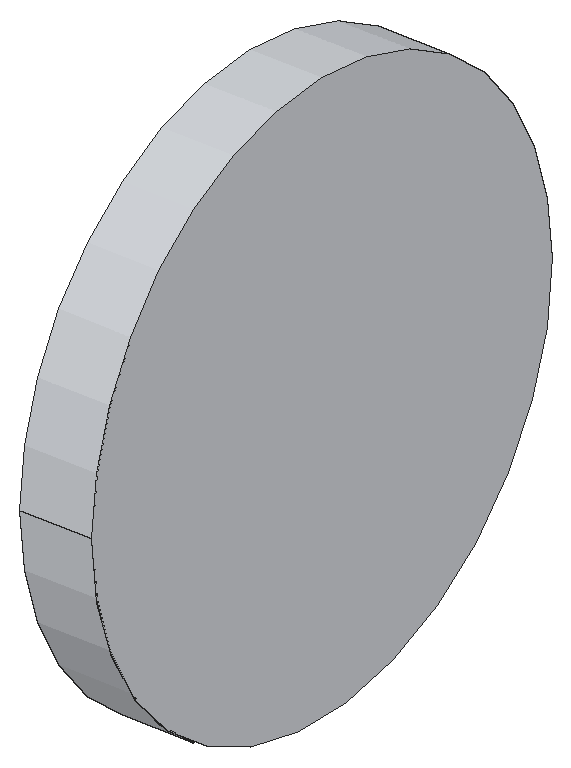
Revit family "442ab8f3ad1f45a2bae9e9288506772b", category Pipe Fittings, Revit 2021
Family settings
  Round Connector Dimension = Use Radius
  Part Type = Cap
  OmniClass Number = 23.60.30.11.14
  OmniClass Title = Pipework Fittings
  Seek Item ID = Flange - Threaded - GI - Class 250-0000-USA-ENU
  Work Plane-Based = No
  Always vertical = Yes
  Cut with Voids When Loaded = No
  Shared = No
Parameters (values of type "Standard")
  Tick Size [instance] = Flange Diameter * 0.4  # 3.6000"
  Nominal Radius [instance] = 2.0000"
  Nominal Diameter [instance] = Nominal Radius * 2  # 4.0000"
  Loss Method = Not Defined
  Lookup Table Name = "Flange - Blind - Steel - Class 275"
  Flange Thickness [instance] = size_lookup(Lookup Table Name, "FThk", 0.07 * Nominal Diameter + 0.8600", Nominal Diameter)  # 1.1250"
  Flange Radius [instance] = Flange Diameter / 2  # 4.5000"
  Flange Diameter [instance] = size_lookup(Lookup Table Name, "FDia", 1.13 * Nominal Diameter + 5.0900", Nominal Diameter)  # 9.0000"
  Default Elevation = 0.0000"
Reference planes (in)
  plane 1 "Center (Front/Back)": y = 0
  plane 2: z = 0
  plane 3 "Center (Left/Right)": x = 0
  plane 4: y = 3.6
  plane 5: y = -3.6
  plane 6: x = 1.125
Forms (in)
  Extrusion 1, solid, detail levels fine
    sketch origin (0, 0, 0) x (0, 1, 0) y (0, 0, 1)
      loop
        circle (0, 0) r 4.5
    from 0 to 1.125
Lines and regions (in)
  model lines, detail levels coarse+medium
    curve 1: line (0, 3.6, 0) -> (0, -3.6, 0)
Dimensions and locks (in)
  equal spacing: plane 4, plane 1 "Center (Front/Back)", plane 5
  "Tick Size": plane 4 to plane 1 "Center (Front/Back)"
  "Flange Thickness": plane 3 "Center (Left/Right)" to plane 6
  "Flange Radius": radius of Extrusion 1 sketch curve
  aligned and locked: plane 4 to curve 1
  aligned and locked: plane 5 to curve 1
  aligned and locked: plane 6 to Extrusion 1
  aligned and locked: Extrusion 1 to plane 3 "Center (Left/Right)"
  aligned and locked: curve 1 to plane 3 "Center (Left/Right)"
Automatic sketch dimensions
  Extrusion 1 sketch curve to level = 0.0000"
  Extrusion 1 sketch curve to plane 1 "Center (Front/Back)" = 0.0000"
Connectors (in)
  piping at (0, 0, 0), diameter 4, driven by "Nominal Radius"
    settings: on Extrusion 1, index 1, connector inside diameter 4.0000", connector length 0.0000", flow factor 0, pipe flow 0 GPM, pressure drop 0.00 psi, fitting loss kfactor 0, connector angle 0.00°, fixture units 0, engagement length 0.0000", angle of deflection 0.00°, flow configuration 0, flow direction 0, fitting loss method 0, system type 28, joint type 0, gender type 0, connector reference index -1, connector utility 0, adjustable connector no, is connector primary yes, connector description ""
